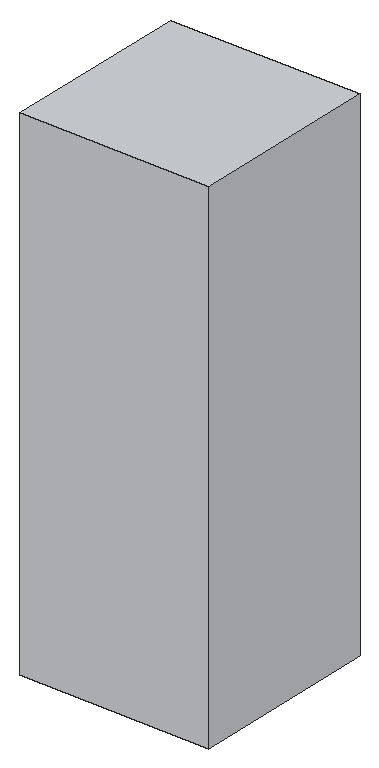
Revit family "Семейство", category Обобщенные модели, Revit 2019
Family settings
  Может служить основой для арматурных стержней = Нет
  Размер круглого соединителя = Использовать диаметр
  Тип детали = Нормальный
  На основе рабочей плоскости = Нет
  Всегда вертикально = Да
  При загрузке вырезать с полостями = Нет
  Общий = Нет
  Точка расчета площади = Нет
Parameters
  w = 300 mm
  Extrusion End = 800 mm
Reference planes
  plane 1 "По центру (Вперед/Назад)": y = 0
  plane 2: z = 0
  plane 3 "По центру (Влево/Вправо)": x = 0
  plane 4: x = 150
  plane 5: x = -150
  plane 6: y = 150
  plane 7: y = -150
  plane 8: z = 800
  plane 9: z = 0
  plane 10: y = 0
  plane 11: x = 0
Forms (mm)
  Extrusion 1, solid
    sketch origin (0, 0, 0) x (1, 0, 0) y (0, 1, 0)
      loop
        line (150, 150) -> (-150, 150) -> (-150, -150) -> (150, -150) -> (150, 150)
    from 0 to 800
Dimensions and locks
  "w": plane 5 to plane 4
  "w": plane 7 to plane 6
  "Extrusion End": plane 8 to plane 9
  equal spacing: plane 6, plane 10, plane 7
  equal spacing: plane 5, plane 11, plane 4
  aligned and locked: level to plane 2
  aligned and locked: plane 8 to Extrusion 1
  aligned and locked: plane 4 to Extrusion 1
  aligned and locked: Extrusion 1 to plane 7
  aligned and locked: Extrusion 1 to plane 5
Automatic sketch dimensions
  Extrusion 1 sketch curve to plane 5 = 0 mm
  Extrusion 1 sketch curve to plane 4 = 0 mm
  Extrusion 1 sketch curve to plane 7 = 0 mm
  Extrusion 1 sketch curve to plane 6 = 0 mm
